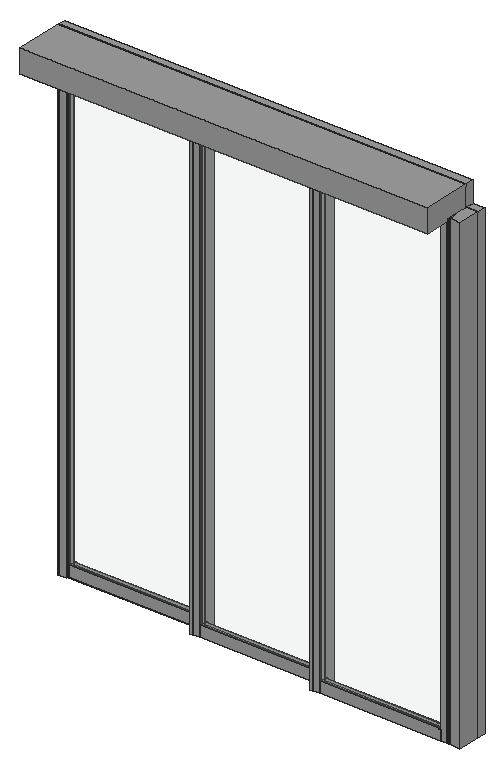
Revit family "agtatec_Record_SldngDrset_E-TSA-Telescopic_CurtainWallPanel", category Curtain Panels, Revit 2015
Parameters (values of type "E-TSA-L 108 mm drive unit height - left - with side panel")
  WithoutDriveCladding(OnlyApplicableForTypesWithoutSidePanels) = not(WithDriveCladding)  # no
  Without side panels = and(not(Right Panel), not(Left Panel))  # no
  WithinStandardSizes = and(OpeningWidth > 799.9 mm, OpeningWidth < 3000.1 mm, ClearHeightOfPassage < 3000.1 mm, ClearHeightOfPassage > 1999.9 mm)  # yes
  WithDriveCladding = yes
  Weight = "Depends on configuration and size"
  WarrantyStartDate [instance] = "1900-12-31T23:59:59"
  WarrantyGuarantorParts = "Local door manufacturer"
  WarrantyGuarantorLabour = "Local door manufacturer"
  WarrantyDurationUnit = "Depends on country"
  WarrantyDurationParts = "Depends on country"
  WarrantyDurationLabour = "Depends on country"
  WarrantyDescription = "Depends on country"
  WallMountingProfile = yes
  Version = "Version 1.0"
  Uniclass2 = "Ss_25_30_20_77"
  URL = "www.agta-record.com"
  TotalWidth = if(Left Panel, Side Panel Width Left + OpeningWidth + 55 mm, if(Right Panel, Side Panel Width Right + OpeningWidth + 55 mm, OpeningWidth + 99 mm))  # 1955 mm
  TotalHeight = ClearHeightOfPassage + DriveUnitHeight  # 2295 mm
  SustainabilityPerformance = "n/a"
  SupportLength = Support Length Right + Support Length Left  # 1900 mm
  Support Length Right = if(Right, Side Panel Width Right + (OpeningWidth / 2) + DriveUnitExtraWidthRight, (OpeningWidth / 2))  # 600 mm
  Support Length Left = if(Left, Side Panel Width Left + (OpeningWidth / 2) + DriveUnitExtraWidthLeft, (OpeningWidth / 2))  # 1300 mm
  Side Panel Width Right = (OpeningWidth / 2) + 100 mm + Extra Right  # 700 mm
  Side Panel Width Left = (OpeningWidth / 2) + 100 mm + Extra Left  # 700 mm
  ServiceLifeType = "n/a"
  SecurityRating = "None"
  Right Profile = no
  Right Panel = no
  Right = no
  Revision = "n/a"
  ProductInformation = "www.agta-record.com"
  Process = "n/a"
  PassageMountingProfile(OnlyApplicableForTypesWithTwoSidePanels) = not(WallMountingProfile)  # no
  PanelHeight = ClearHeightOfPassage + 13 mm  # 2200 mm
  PanelFrames = agtatec_Record_Sliding Door, Aluminium
  PanelFill = agtatec_Record_Sliding Door, Laminated Safety Glass (Clear)
  OpeningWidth = 1200 mm
  Name = "SldngDrset_E-TSA-Telescopic_CurtainWallPanel_Record"
  NBSTypeID = "n/a"
  NBSReference = "25-50-20/175"
  NBSOfficeMasterTag = "n/a"
  NBSNote = "n/a"
  NBSDescription = "Sliding Doorset"
  NBSCertification = "n/a"
  ModelNumber = "n/a"
  ModelLabel = "n/a"
  MethodOfMeasurement = "n/a"
  ManufacturerName = "Record"
  Left Profile = yes
  Left Panel = yes
  Left = yes
  Interlacing profile right = and(WithDriveCladding, Right, not(Right Panel))  # no
  Interlacing profile left = and(WithDriveCladding, Left, not(Left Panel))  # no
  InstallationDate [instance] = "1900-12-31T23:59:59"
  Inner Panel Width 2 = (OpeningWidth / 2) + 20 mm  # 620 mm
  Inner Panel Width 1 = (OpeningWidth / 2) + 32 mm  # 632 mm
  IfcExportType = "Door"
  IfcExportAs = "IfcDoorStyle"
  Grade = "n/a"
  GlazingAreaFraction = "Depends on size. Can be calculated"
  FloorGuide = agtatec_Record_Sliding Door, Stainless Steel
  FireRating = "None"
  DriveUnitExtraWidthRight = 0 mm
  DriveUnitExtraWidthLeft = 0 mm
  Finish = "Powder coated, Anodized, customer specific"
  Type Comments = "n/a"
  ThresholdStripping = "No additional required, part of the doorset"
  ThresholdRequired = yes
  ThermalTransmittance = 0
  TagNumber [instance] = "n/a"
  SmokeStop = no
  Size = "n/a"
  Shape = "Rectangular"
  ServiceLifeDuration = "10-15 years"
  SerialNumber [instance] = "n/a"
  SelfClosing = yes
  ReplacementCost = "Depends on the configuration and door type"
  ReferenceStandard = "EN16005, EN16361, DIN 18650, etc."
  Reference = "n/a"
  ProductionYear = "n/a"
  PassageWidthOptions = "n/a"
  NominalWidth = TotalWidth  # 1955 mm
  NominalLength = 0 mm
  NominalHeight = TotalHeight  # 2295 mm
  ModelReference = "Depends on the configuration"
  Model = "record Telescopic Linear Slider"
  Material = "Aluminium"
  ManufacturerURL = "www.agta-record.com"
  Manufacturer = "info@recorduk.co.uk"
  LeafColourOptions = "All RAL, customer specific"
  Keynote = "n/a"
  IssueDate = "n/a"
  IsExternal = yes
  Interlancing Profile Height = PanelHeight - 5 mm  # 2195 mm
  Infiltration = "n/a"
  HasDrive = yes
  HandicapAccessible = yes
  GlassType = "Part of glazing spec"
  GlassThickness2 = "6 mm (default)"
  GlassThickness1 = "6 mm (default)"
  GlassLayers = 2
  FrameSeal = yes
  FrameProfile = "Aluminium"
  FrameMaterial = "Aluminium"
  FrameFinishOptions = "n/a"
  FireExit = no
  Features = "n/a"
  ExtraWidthRight = 0 mm
  ExtraWidthLeft = 0 mm
  Extra Width Total = Extra Right + Extra Left  # 0 mm
  Extra Right = if(not(Right Panel), 0 mm, ExtraWidthRight)  # 0 mm
  Extra Left = if(not(Left Panel), 0 mm, ExtraWidthLeft)  # 0 mm
  ExpectedLife = "n/a"
  ElectronicLock = yes
  DurationUnit = "year"
  DriveUnitHeight = 108 mm
  DriveUnit = agtatec_Record_Sliding Door, Sheet Metal (Painted Steel)
  DoorsetOperation = "Automatic"
  DoorsetFasteners = "Screws"
  DoorSeal = "yes"
  DoorOpening = 0 mm
  DoorNumber = "n/a"
  DoorIncluded = yes
  Door Opening 2 = if(Door Opening 1 > 1 mm, (OpeningWidth / 2) + Door Opening 1 / 2, OpeningWidth / 2)  # 600 mm
  Door Opening 1 = if(DoorOpening > OpeningWidth, OpeningWidth, DoorOpening)  # 0 mm
  Documentation = "n/a"
  DocumentReference = "n/a"
  Description = "Automatic Sliding Door"
  Cost = 0
  Controller = "n/a"
  Construction Type = "Automatic Sliding Door"
  Constituents = "n/a"
  Configuration = "1 or 2"
  Colour = "Customer specific"
  CodePerformance = "n/a"
  ClearanceZones = no
  ClearHeightOfPassage = 2187 mm
  Category = "n/a"
  BreakoutFacility = "n/a"
  BarCode [instance] = "n/a"
  BIMObjectName = "agtatec_Record_SlidingDoorset_E-TSA-Telescopic_CurtainWallPanel"
  Author = "agtatec"
  AssetType = "n/a"
  AssetIdentifier [instance] = "n/a"
  Assembly Code = "B2030110"
  AntiFingerTrapRequirement = yes
  AlternativeDoorsetGlazing = "Part of glazing spec"
  AcousticRating = "None"
  AccessoryOptions = "Contact manufacturer"
  AccessibilityPerformance = "n/a"
Reference planes
  plane 1 "Center (Front/Back)": y = 0
  plane 2: z = 0
  plane 3 "Center (Left/Right)": x = -50
  plane 4 "Left": x = -1280
  plane 5 "Right": x = 1180
  plane 6 "Top": z = 4000
Text (mm)
  text "Exterior" at (-2351.972, 1416.179, 0), in view "Ref. Level"
  text "Exterior" at (0, 2290.741, 4406.713), in view "Left"
  text "Exterior" at (0, 1328.187, 4120.349), in view "Right"
Dimensions and locks
  equal spacing: plane 4 "Left", plane 3 "Center (Left/Right)", plane 5 "Right"
  aligned and locked: plane 1 "Center (Front/Back)" to nested 1
  aligned and locked: nested 1 to plane 3 "Center (Left/Right)"
Nested families
  nested 1: "E-TSA Telescopic" at (874.503, 0, 0), type "E-TSA-L 150 mm drive unit height - left - with side panel"
    with WarrantyStartDate "Depends on country", TagNumber "n/a", SerialNumber "n/a", InstallationDate "n/a", BarCode "n/a", AssetIdentifier "n/a", TotalHeight 2295 mm, NominalHeight 2295 mm, DriveUnitHeight 108 mm
Definition of nested family "E-TSA Telescopic"
  Parameters
    WithoutDriveCladding(OnlyApplicableForTypesWithoutSidePanels) = not(WithDriveCladding)  # no
    Without side panels = and(not(Right Panel), not(Left Panel))  # no
    WithinStandardSizes = and(OpeningWidth > 799.9 mm, OpeningWidth < 3000.1 mm, ClearHeightOfPassage < 3000.1 mm, ClearHeightOfPassage > 1999.9 mm)  # yes
    WithDriveCladding = yes
    Weight = "Depends on configuration and size"
    WarrantyDurationUnit = "Depends on country"
    WallMountingProfile = yes
    Wall Opening Width = if(and(Right Panel, Left Panel), OpeningWidth + SidePanelWidthRight + SidePanelWidthLeft, if(Right Panel, OpeningWidth + SidePanelWidthRight, if(Left Panel, OpeningWidth + SidePanelWidthLeft, OpeningWidth)))  # 1900 mm
    Wall Mounting Right = and(WallMountingProfile, Right Panel)  # no
    Wall Mounting Left = and(WallMountingProfile, Left Panel)  # yes
    TotalWidth = if(Left Panel, SidePanelWidthLeft + OpeningWidth + 55 mm, if(Right Panel, SidePanelWidthRight + OpeningWidth + 55 mm, OpeningWidth + 99 mm))  # 1955 mm
    TotalHeight = ClearHeightOfPassage + DriveUnitHeight  # 2337 mm
    SustainabilityPerformance = "n/a"
    SupportLength = Support Length Right + Support Length Left  # 1900 mm
    Support Length Right = if(Right, SidePanelWidthRight + (OpeningWidth / 2) + DriveUnitExtraWidthRight, (OpeningWidth / 2))  # 600 mm
    Support Length Left = if(Left, SidePanelWidthLeft + (OpeningWidth / 2) + DriveUnitExtraWidthLeft, (OpeningWidth / 2))  # 1300 mm
    SidePanelWidthRight = (OpeningWidth / 2) + 100 mm + Extra Right  # 700 mm
    SidePanelWidthLeft = (OpeningWidth / 2) + 100 mm + Extra Left  # 700 mm
    ServiceLifeType = "n/a"
    SecurityRating = "None"
    Right Profile = no
    Right Panel = no
    Right = no
    Revision = "n/a"
    ProductInformation = "www.agta-record.com"
    Process = "n/a"
    PassageMountingProfile(OnlyApplicableForTypesWithTwoSidePanels) = not(WallMountingProfile)  # no
    Passage Mounting Right = and([PassageMountingProfile(OnlyApplicableForTypesWithTwoSidePanels)], Right Panel)  # no
    Passage Mounting Left = and([PassageMountingProfile(OnlyApplicableForTypesWithTwoSidePanels)], Left Panel)  # no
    PanelHeight = ClearHeightOfPassage + 13 mm  # 2200 mm
    PanelFrames = none
    PanelFill = none
    Outer Panel Width Right = SidePanelWidthRight - 27 mm  # 673 mm
    Outer Panel Width Left = SidePanelWidthLeft - 27 mm  # 673 mm
    OpeningWidth = 1200 mm
    Name = "SldngDrset_E-TSA-Telescopic_Standalone_Record"
    NBSTypeID = "n/a"
    NBSReference = "25-50-20/175"
    NBSOfficeMasterTag = "n/a"
    NBSNote = "n/a"
    NBSDescription = "Sliding Doorset"
    NBSCertification = "n/a"
    ModelNumber = "n/a"
    ModelLabel = "n/a"
    MethodOfMeasurement = "n/a"
    ManufacturerName = "Record"
    Left Profile = yes
    Left Panel = yes
    Left = yes
    InterlancingProfileRight = and(WithDriveCladding, Right, not(Right Panel))  # no
    InterlancingProfileLeft = and(WithDriveCladding, Left, not(Left Panel))  # no
    InstallationDate [instance] = "n/a"
    Inner Panel Width 2 = (OpeningWidth / 2) + 20 mm  # 620 mm
    Inner Panel Width 1 = (OpeningWidth / 2) + 32 mm  # 632 mm
    IfcExportType = "n/a"
    IfcExportAs = "n/a"
    Grade = "n/a"
    GlazingAreaFraction = "Depends on size. Can be calculated"
    FloorGuide = none
    FireRating = "None"
    Features = "n/a"
    ExtraWidthRight = 0 mm
    ExtraWidthLeft = 0 mm
    Extra Width Total = 0 mm
    Extra Right = if(not(Right Panel), 0 mm, ExtraWidthRight)  # 0 mm
    Extra Left = if(not(Left Panel), 0 mm, ExtraWidthLeft)  # 0 mm
    ExpectedLife = "n/a"
    DurationUnit = "year"
    DriveUnitExtraWidthRight = 0 mm
    DriveUnitExtraWidthLeft = 0 mm
    Width = TotalWidth  # 1955 mm
    WarrantyStartDate [instance] = "Depends on country"
    WarrantyGuarantorParts = "Local door manufacturer"
    WarrantyGuarantorLabour = "Local door manufacturer"
    WarrantyDurationParts = "Depends on country"
    WarrantyDurationLabour = "Depends on country"
    WarrantyDescription = "Depends on country"
    Version = "Version 1.0"
    Uniclass2 = "Ss_25_30_20_77"
    URL = "www.agta-record.com"
    Type Comments = ""
    ThresholdStripping = "No additional required, part of the doorset"
    ThresholdRequired = yes
    ThermalTransmittance = 0
    TagNumber [instance] = "n/a"
    SmokeStop = no
    Size = "n/a"
    Shape = "Rectangular"
    ServiceLifeDuration = "10-15 years"
    SerialNumber [instance] = "n/a"
    SelfClosing = yes
    Rough Width = TotalWidth + 6 mm  # 1961 mm
    Rough Height = TotalHeight + 6 mm  # 2343 mm
    ReplacementCost = "Depends on the configuration and door type"
    ReferenceStandard = "EN16005, EN16361, DIN 18650, etc."
    Reference = "n/a"
    ProductionYear = "n/a"
    PassageWidthOptions = "n/a"
    Operation = "n/a"
    NominalWidth = TotalWidth  # 1955 mm
    NominalLength = 0 mm
    NominalHeight = TotalHeight  # 2337 mm
    ModelReference = "Depends on the configuration"
    Model = "record Telescopic Linear Slider"
    Material = "Aluminium"
    ManufacturerURL = "www.agta-record.com"
    Manufacturer = "info@recorduk.co.uk"
    LeafColourOptions = "All RAL, customer specific"
    Keynote = ""
    IssueDate = ""
    IsExternal = yes
    Interlancing Profile Height = PanelHeight - 5 mm  # 2195 mm
    Infiltration = "n/a"
    Height = TotalHeight  # 2337 mm
    HasDrive = yes
    HandicapAccessible = yes
    GlassType = "Part of glazing spec"
    GlassThickness2 = "6 mm (default)"
    GlassThickness1 = "6 mm (default)"
    GlassLayers = 2
    Function = 1
    FrameSeal = yes
    FrameProfile = "Aluminium"
    FrameMaterial = "Aluminium"
    FrameFinishOptions = "n/a"
    FireExit = no
    Finish = "Powder coated, Anodized, customer specific"
    ElectronicLock = yes
    DriveUnitHeight = 150 mm
    DriveUnit = none
    Drive Depth 2 = if([WithoutDriveCladding(OnlyApplicableForTypesWithoutSidePanels)], 0 mm, 37 mm)  # 37 mm
    Drive Depth = if([WithoutDriveCladding(OnlyApplicableForTypesWithoutSidePanels)], 222 mm, 259 mm)  # 259 mm
    DoorsetOperation = "Automatic"
    DoorsetFasteners = "Screws"
    DoorSeal = "yes"
    DoorOpening = 0 mm
    DoorNumber = "n/a"
    DoorIncluded = yes
    Door Opening 2 = if(Door Opening 1 > 1 mm, (OpeningWidth / 2) + Door Opening 1 / 2, OpeningWidth / 2)  # 600 mm
    Door Opening 1 = if(DoorOpening > OpeningWidth, OpeningWidth, DoorOpening)  # 0 mm
    Documentation = "n/a"
    DocumentReference = "n/a"
    Distance to Wall = if([WithoutDriveCladding(OnlyApplicableForTypesWithoutSidePanels)], 20 mm, 57 mm)  # 57 mm
    Description = "Automatic Sliding Door"
    Cost = 0
    Controller = "n/a"
    Construction Type = "Automatic Sliding Door"
    Constituents = "n/a"
    Configuration = "1 or 2"
    Colour = "Customer specific"
    CodePerformance = "n/a"
    ClearanceZones = no
    ClearanceZoneRight = if(Left, (SupportLength / 2) + 55 mm, if(or(not(Right Panel), DriveUnitExtraWidthRight > 0 mm, not(WallMountingProfile)), SupportLength / 2, (SupportLength / 2) + 16 mm))  # 1005 mm
    ClearanceZoneLeft = if(Right, (SupportLength / 2) + 55 mm, if(or(not(Left Panel), DriveUnitExtraWidthLeft > 0 mm, not(WallMountingProfile)), SupportLength / 2, (SupportLength / 2) + 16 mm))  # 966 mm
    ClearHeightOfPassage = 2187 mm
    Cladding void = if(Without side panels, 3 mm, 35 mm)  # 35 mm
    Cladding profile = not([WithoutDriveCladding(OnlyApplicableForTypesWithoutSidePanels)])  # yes
    CenterOfDoor = if(Left, SidePanelWidthRight + (SupportLength / 2), (SupportLength / 2) - DriveUnitExtraWidthRight)  # 1650 mm
    Category = "n/a"
    BreakoutFacility = "n/a"
    BarCode [instance] = "n/a"
    BIMObjectName = "agtatec_Record_SlidingDoorset_E-TSA-Telescopic_Standalone"
    Author = "agtatec"
    AssetType = "n/a"
    AssetIdentifier [instance] = "n/a"
    Assembly Code = "B2030110"
    AntiFingerTrapRequirement = yes
    AlternativeDoorsetGlazing = "Part of glazing spec"
    AcousticRating = "None"
    AccessoryOptions = "Contact manufacturer"
    AccessibilityPerformance = "n/a"
  Reference planes
    plane 1 "Center (Front/Back)": y = 0
    plane 2: z = 0
    plane 3 "Ex Center (Left/Right)": x = -574.503
    plane 4: z = 2337
    plane 5: z = 2187
    plane 6: z = 2357
    plane 7: x = 5.497
    plane 8 "Drive Unit Left": x = -1874.503
    plane 9: x = -1174.503
    plane 10: x = 25.497
    plane 11: y = -57
    plane 12: y = -109
    plane 13: x = -574.503
    plane 14: x = 25.497
    plane 15: x = -1874.503
    plane 16: x = 725.497
    plane 17: x = -586.503
    plane 18: x = -1206.503
    plane 19: x = -1186.503
    plane 20: y = -5
    plane 21: x = 37.497
    plane 22: x = -574.503
    plane 23: x = -1174.503
    plane 24: x = -562.503
    plane 25: x = 57.497
    plane 26: y = -40
    plane 27: y = -40
    plane 28: y = -409
    plane 29: y = -259
    plane 30: y = -5
    plane 31 "Drive Unit Right": x = 25.497
    plane 32 "Center (Left/Right)": x = -924.503
    plane 33: x = -1890.503
    plane 34: x = 80.497
  Forms (mm)
    Extrusion 1, solid, material <- "PanelFrames", visible <- "Passage Mounting Left"
      sketch origin (0, 0, 0) x (1, 0, 0) y (0, 1, 0)
        loop
          line (-1874.503, 0) -> (-1874.503, -40) -> (-1834.503, -40) -> (-1834.503, -38) -> (-1871.503, -38) -> (-1871.503, -3) -> (-1834.503, -3) -> (-1834.503, 0) -> (-1874.503, 0)
      from 0 to 2187
    Extrusion 2, solid, material <- "PanelFrames", visible <- "Passage Mounting Right"
      sketch origin (0, 0, 0) x (1, 0, 0) y (0, 1, 0)
        loop
          line (725.497, 0) -> (685.497, 0) -> (685.497, -3) -> (722.497, -3) -> (722.497, -38) -> (685.497, -38) -> (685.497, -40) -> (725.497, -40) -> (725.497, 0)
      from 0 to 2187
    Extrusion 3, solid, material <- "PanelFrames", visible <- "Wall Mounting Right"
      sketch origin (0, 0, 0) x (1, 0, 0) y (0, 1, 0)
        loop
          line (685.497, 0) -> (685.497, -3) -> (722.497, -3) -> (722.497, -38) -> (685.497, -38) -> (685.497, -40) -> (725.497, -40) -> (725.497, -4) -> (741.497, -4) -> (741.497, 0) -> (685.497, 0)
      from 0 to 2187
    Extrusion 4, solid, material <- "PanelFrames", visible <- "Wall Mounting Left"
      sketch origin (0, 0, 0) x (1, 0, 0) y (0, 1, 0)
        loop
          line (-1834.503, 0) -> (-1890.503, 0) -> (-1890.503, -4) -> (-1874.503, -4) -> (-1874.503, -40) -> (-1834.503, -40) -> (-1834.503, -38) -> (-1871.503, -38) -> (-1871.503, -3) -> (-1834.503, -3) -> (-1834.503, 0)
      from 0 to 2187
    Extrusion 5, solid, material <- "DriveUnit"
      sketch origin (-1874.503, 0, -304.8) x (0, 0, -1) y (0, 1, 0)
        loop
          line (-2641.8, -37) -> (-2641.8, -259) -> (-2491.8, -259) -> (-2491.8, -149) -> (-2504.8, -149) -> (-2504.8, -54) -> (-2491.8, -54) -> (-2491.8, -37) -> (-2641.8, -37)
      from 0 to 1900
    Extrusion 6, solid, visible <- "ClearanceZones"
      sketch origin (-574.503, -66.514, 0) x (0, -1, 0) y (0, 0, 1)
        loop
          line (-66.514, 0) -> (342.486, 0) -> (342.486, 2357) -> (-66.514, 2357) -> (-66.514, 0)
      from -655 to 1316
    Extrusion 7, void
      sketch origin (-1868.247, -40, 1200) x (1, 0, 0) y (0, 0, -1)
        loop
          line (-6.256, -1000) -> (1893.744, -1000) -> (1893.744, -987) -> (-6.256, -987) -> (-6.256, -1000)
      from 0 to 35 <- "Cladding void"
    Extrusion 8, solid, material <- "DriveUnit", visible <- "Cladding profile"
      sketch origin (-574.503, -66.514, 0) x (0, -1, 0) y (0, 0, 1)
        loop
          line (-66.514, 2337) -> (-66.514, 2187) -> (-29.514, 2187) -> (-29.514, 2337) -> (-66.514, 2337)
      from -600 to 1300
  Cuts and joins
    Extrusion 7 cuts Extrusion 8
  Lines and regions (mm)
    Masking region 1, visible <- "Passage Mounting Left"
      outline origin (0, 0, 0) x (1, 0, 0) y (0, 1, 0)
        loop
          line (-1834.503, -3) -> (-1834.503, 0) -> (-1874.503, 0) -> (-1874.503, -40) -> (-1834.503, -40) -> (-1834.503, -38) -> (-1871.503, -38) -> (-1871.503, -3) -> (-1834.503, -3)
    Masking region 2, visible <- "Wall Mounting Left"
      outline origin (0, 0, 0) x (1, 0, 0) y (0, 1, 0)
        loop
          line (-1834.503, 0) -> (-1890.503, 0) -> (-1890.503, -4) -> (-1874.503, -4) -> (-1874.503, -40) -> (-1834.503, -40) -> (-1834.503, -38) -> (-1871.503, -38) -> (-1871.503, -3) -> (-1834.503, -3) -> (-1834.503, 0)
    Masking region 3, visible <- "Passage Mounting Right"
      outline origin (0, 0, 0) x (1, 0, 0) y (0, 1, 0)
        loop
          line (685.497, 0) -> (685.497, -3) -> (722.497, -3) -> (722.497, -38) -> (685.497, -38) -> (685.497, -40) -> (725.497, -40) -> (725.497, 0) -> (685.497, 0)
    Masking region 4, visible <- "Wall Mounting Right"
      outline origin (0, 0, 0) x (1, 0, 0) y (0, 1, 0)
        loop
          line (741.497, 0) -> (685.497, 0) -> (685.497, -3) -> (722.497, -3) -> (722.497, -38) -> (685.497, -38) -> (685.497, -40) -> (725.497, -40) -> (725.497, -4) -> (741.497, -4) -> (741.497, 0)
    symbolic lines
      curve 1: line (-749.503, 50, 0) -> (-399.503, 50, 0)
    symbolic lines, visible <- "Left"
      curve 2: line (-749.503, 50, 0) -> (-714.148, 85.355, 0)
      curve 3: line (-749.503, 50, 0) -> (-714.148, 14.645, 0)
    symbolic lines, visible <- "Right"
      curve 4: line (-399.503, 50, 0) -> (-434.859, 14.645, 0)
      curve 5: line (-399.503, 50, 0) -> (-434.859, 85.355, 0)
  Text (mm)
    text "Right" at (-1678.087, 0, 3204.03), in view "Back"
    text "Left" at (1021.913, 0, 3204.03), in view "Back"
  Dimensions and locks
    "DriveUnitHeight": plane 4 to plane 5
    "ClearHeightOfPassage": plane 5 to plane 2
    locked: plane 6 to plane 4 at 20
    equal spacing: plane 9, plane 3 "Ex Center (Left/Right)", plane 10
    "OpeningWidth": plane 9 to plane 10
    "Distance to Wall": plane 11 to plane 1 "Center (Front/Back)"
    locked: plane 11 to plane 12 at 52
    "Door Opening 1": plane 14 to plane 10
    "Door Opening 2": plane 13 to plane 10
    "SidePanelWidthLeft": plane 15 to plane 9
    "SidePanelWidthRight": plane 10 to plane 16
    locked: plane 17 to plane 13 at 12
    "Inner Panel Width 2": plane 18 to plane 17
    locked: plane 19 to plane 9 at 12
    locked: plane 10 to plane 21 at 12
    locked: plane 22 to plane 24 at 12
    "Door Opening 1": plane 9 to plane 23
    "Door Opening 2": plane 9 to plane 22
    "Inner Panel Width 2": plane 24 to plane 25
    locked: Extrusion 5 sketch curve to Extrusion 5 sketch curve at 110
    "Drive Depth": plane 1 "Center (Front/Back)" to plane 29
    "DriveUnitHeight": plane 29 to plane 28
    "Support Length Left": plane 8 "Drive Unit Left" to plane 3 "Ex Center (Left/Right)"
    "Support Length Right": plane 3 "Ex Center (Left/Right)" to plane 31 "Drive Unit Right"
    locked: Extrusion 4 sketch curve to plane 26 at 2
    locked: Extrusion 1 sketch curve to plane 26 at 2
    locked: Extrusion 3 sketch curve to plane 27 at 2
    locked: Extrusion 2 sketch curve to plane 27 at 2
    "Drive Depth 2": plane 1 "Center (Front/Back)" to Extrusion 5 sketch curve
    Extrusion 7 sketch curve to plane 5 = 13 mm
    locked: plane 1 "Center (Front/Back)" to Extrusion 8 sketch curve at 37
    curve 3 to plane 3 "Ex Center (Left/Right)" to curve 5 = 175 mm locked, 175 mm locked
    "CenterOfDoor": plane 32 "Center (Left/Right)" to plane 16
    "ClearanceZoneLeft": plane 33 to plane 32 "Center (Left/Right)"
    "ClearanceZoneRight": plane 32 "Center (Left/Right)" to plane 34
    aligned and locked: plane 2 to level
    aligned and locked: plane 12 to nested 1
    aligned and locked: plane 11 to nested 2
    aligned and locked: plane 14 to nested 1
    aligned and locked: nested 2 to plane 17
    aligned and locked: plane 19 to nested 3
    aligned and locked: nested 5 to plane 9
    aligned and locked: nested 6 to plane 11
    aligned and locked: nested 6 to plane 18
    aligned and locked: plane 11 to nested 7
    aligned and locked: nested 7 to plane 17
    aligned and locked: nested 8 to plane 12
    aligned and locked: nested 8 to nested 1
    aligned and locked: plane 20 to nested 3
    aligned and locked: nested 5 to plane 20
    aligned and locked: nested 4 to plane 20
    aligned and locked: nested 9 to plane 10
    aligned and locked: nested 4 to plane 21
    aligned and locked: plane 23 to nested 10
    aligned and locked: plane 12 to nested 11
    aligned and locked: nested 10 to plane 12
    aligned and locked: nested 11 to nested 10
    aligned and locked: nested 12 to plane 11
    aligned and locked: plane 11 to nested 13
    aligned and locked: nested 14 to plane 11
    aligned and locked: nested 14 to plane 22
    aligned and locked: plane 25 to nested 13
    aligned and locked: nested 12 to plane 25
    aligned and locked: plane 26 to Extrusion 1 sketch curve
    aligned and locked: plane 27 to Extrusion 2 sketch curve
    aligned and locked: plane 5 to Extrusion 1
    aligned and locked: plane 5 to Extrusion 2
    aligned and locked: plane 5 to Extrusion 4
    aligned and locked: plane 5 to Extrusion 3
    aligned and locked: plane 26 to Masking region 1 sketch curve
    aligned and locked: Extrusion 5 sketch curve to plane 29
    aligned and locked: Extrusion 5 to plane 31 "Drive Unit Right"
    aligned and locked: plane 26 to Extrusion 4 sketch curve
    aligned and locked: plane 26 to Masking region 2 sketch curve
    aligned and locked: plane 27 to Extrusion 3 sketch curve
    aligned and locked: Masking region 2 to Extrusion 4
    aligned and locked: Extrusion 6 sketch curve to plane 6
    aligned and locked: Extrusion 6 sketch curve to plane 28
    aligned and locked: Extrusion 5 to plane 8 "Drive Unit Left"
    aligned and locked: plane 31 "Drive Unit Right" to Extrusion 7 sketch curve
    aligned and locked: plane 8 "Drive Unit Left" to Extrusion 7 sketch curve
    aligned and locked: Extrusion 7 sketch curve to plane 5
    aligned and locked: plane 5 to Extrusion 8 sketch curve
    aligned and locked: Extrusion 8 to plane 31 "Drive Unit Right"
    aligned and locked: Extrusion 8 to plane 8 "Drive Unit Left"
    aligned and locked: Extrusion 6 to plane 33
    aligned and locked: plane 34 to Extrusion 6
  Automatic sketch dimensions
    plane 1 "Center (Front/Back)" to Extrusion 1 sketch curve = 0 mm
    Extrusion 1 sketch curve to plane 15 = 0 mm
    Extrusion 1 sketch curve to plane 15 = 3 mm
    Extrusion 1 sketch curve to Extrusion 1 sketch curve = 37 mm  (x2)
    plane 20 to Extrusion 1 sketch curve = 2 mm
    plane 1 "Center (Front/Back)" to Extrusion 2 sketch curve = 0 mm
    Extrusion 2 sketch curve to plane 16 = 0 mm
    Extrusion 2 sketch curve to plane 16 = 3 mm
    plane 20 to Extrusion 2 sketch curve = 2 mm
    Extrusion 2 sketch curve to Extrusion 2 sketch curve = 37 mm
    Extrusion 2 sketch curve to Extrusion 2 sketch curve = 0 mm
    plane 1 "Center (Front/Back)" to Extrusion 3 sketch curve = 0 mm
    Extrusion 3 sketch curve to plane 16 = 0 mm
    Extrusion 3 sketch curve to plane 16 = 3 mm
    Extrusion 3 sketch curve to Extrusion 3 sketch curve = 37 mm
    Extrusion 3 sketch curve to Extrusion 3 sketch curve = 0 mm
    plane 16 to Extrusion 3 sketch curve = 16 mm
    plane 20 to Extrusion 3 sketch curve = 1 mm
    plane 20 to Extrusion 3 sketch curve = 2 mm
    plane 1 "Center (Front/Back)" to Extrusion 4 sketch curve = 0 mm
    Extrusion 4 sketch curve to plane 15 = 0 mm
    plane 20 to Extrusion 4 sketch curve = 1 mm
    Extrusion 4 sketch curve to Extrusion 4 sketch curve = 16 mm
    Extrusion 4 sketch curve to plane 15 = 3 mm
    Extrusion 4 sketch curve to Extrusion 4 sketch curve = 37 mm  (x2)
    plane 20 to Extrusion 4 sketch curve = 2 mm
    Extrusion 6 sketch curve to level = 0 mm
    Extrusion 6 sketch curve to plane 1 "Center (Front/Back)" = 0 mm
    Masking region 1 sketch curve to plane 15 = 0 mm
    plane 1 "Center (Front/Back)" to Masking region 1 sketch curve = 0 mm
    Masking region 1 sketch curve to plane 15 = 3 mm
    plane 26 to Masking region 1 sketch curve = 2 mm
    Masking region 1 sketch curve to Masking region 1 sketch curve = 37 mm  (x2)
    plane 20 to Masking region 1 sketch curve = 2 mm
    plane 1 "Center (Front/Back)" to Masking region 2 sketch curve = 0 mm
    Masking region 2 sketch curve to plane 15 = 0 mm
    plane 20 to Masking region 2 sketch curve = 1 mm
    Masking region 2 sketch curve to Masking region 2 sketch curve = 16 mm
    Masking region 2 sketch curve to plane 15 = 3 mm
    plane 26 to Masking region 2 sketch curve = 2 mm
    Masking region 2 sketch curve to Masking region 2 sketch curve = 37 mm  (x2)
    plane 20 to Masking region 2 sketch curve = 2 mm
    plane 1 "Center (Front/Back)" to Masking region 3 sketch curve = 0 mm
    plane 26 to Masking region 3 sketch curve = 0 mm
    Masking region 3 sketch curve to plane 16 = 0 mm
    Masking region 3 sketch curve to plane 16 = 3 mm
    Masking region 3 sketch curve to Masking region 3 sketch curve = 37 mm
    Masking region 3 sketch curve to Masking region 3 sketch curve = 0 mm
    plane 26 to Masking region 3 sketch curve = 2 mm
    plane 20 to Masking region 3 sketch curve = 2 mm
    plane 1 "Center (Front/Back)" to Masking region 4 sketch curve = 0 mm
    plane 26 to Masking region 4 sketch curve = 0 mm
    Masking region 4 sketch curve to plane 16 = 0 mm
    Masking region 4 sketch curve to plane 16 = 3 mm
    plane 26 to Masking region 4 sketch curve = 2 mm
    Masking region 4 sketch curve to Masking region 4 sketch curve = 37 mm
    plane 20 to Masking region 4 sketch curve = 2 mm
    Masking region 4 sketch curve to Masking region 4 sketch curve = 0 mm
    plane 16 to Masking region 4 sketch curve = 16 mm
    plane 20 to Masking region 4 sketch curve = 1 mm
    curve 1 to curve 3 = 50 mm
    curve 2 to curve 5 = 279.289 mm
    curve 5 to curve 4 = 70.711 mm
    curve 5 to curve 1 = 50 mm
    curve 3 to curve 4 = 279.289 mm
    curve 5 to curve 5 = 50 mm
    curve 3 to curve 2 = 50 mm
    curve 3 to curve 2 = 35.355 mm  (x2)
    curve 3 to plane 1 "Center (Front/Back)" = 14.645 mm
    curve 4 to plane 1 "Center (Front/Back)" = 14.645 mm
    curve 5 to curve 4 = 0 mm
    curve 4 to curve 5 = 35.355 mm
    curve 1 to curve 5 = 35.355 mm
    Extrusion 8 sketch curve to plane 1 "Center (Front/Back)" = 0 mm
    Extrusion 8 sketch curve to plane 4 = 0 mm
    Extrusion 5 sketch curve to plane 4 = 0 mm
    Extrusion 5 sketch curve to plane 5 = 0 mm  (x2)
    plane 11 to Extrusion 5 sketch curve = 3 mm
    plane 5 to Extrusion 5 sketch curve = 13 mm
  Nested families
    nested 1: "Inner Panel 1" at (25.497, -109, 0) x (-1, 0, 0) z (0, 0, 1), visible <- "Left", type "Inner Panel 1"
    nested 2: "Inner Panel 2" at (-586.503, -57, 0) x (-1, 0, 0) z (0, 0, 1), visible <- "Left", type "Inner Panel 2"
      with Inner Panel Width 620 mm
    nested 3: "Outer Panel" at (-1186.503, -5, 0) x (-1, 0, 0) z (0, 0, 1), visible <- "Left Panel", type "Left Panel"
      with Outer Panel Width 673 mm
    nested 4: "Outer Panel" at (37.497, -5, 0), visible <- "Right Panel", type "Right Panel"
      with Outer Panel Width 673 mm
    nested 5: "Interlacing profile - Outer" at (-1186.503, -37, 5) x (0, -1, 0) z (0, 0, 1), type "Left"
    nested 6: "Interlacing profile - Inner" at (-1206.503, -57, 5) x (0, 1, 0) z (0, 0, 1), visible <- "Left", type "Left"
    nested 7: "Interlacing profile - Inner" at (-586.503, -89, 5) x (0, -1, 0) z (0, 0, 1), visible <- "Left", type "Inner"
    nested 8: "Interlacing profile - Inner" at (-606.503, -109, 5) x (0, 1, 0) z (0, 0, 1), visible <- "Left", type "Inner"
    nested 9: "Interlacing profile - Outer" at (37.497, -37, 5) x (0, -1, 0) z (0, 0, 1), type "Right"
      with Side Panel no, Opposite Panel yes, Interlacing profile 2 yes, Interlacing profile 1 no
    nested 10: "Inner Panel 1" at (-1174.503, -109, 0), visible <- "Right", type "Inner Panel 1"
    nested 11: "Interlacing profile - Inner" at (-542.503, -109, 5) x (0, 1, 0) z (0, 0, 1), visible <- "Right", type "Inner"
    nested 12: "Inner Panel 2" at (-562.503, -57, 0), visible <- "Right", type "Inner Panel 2"
      with Inner Panel Width 620 mm
    nested 13: "Interlacing profile - Inner" at (57.497, -57, 5) x (0, 1, 0) z (0, 0, 1), visible <- "Right", type "Right"
      with Side Panel no, Interlacing profile 4 yes, Interlacing profile 1 no
    nested 14: "Interlacing profile - Inner" at (-562.503, -89, 5) x (0, -1, 0) z (0, 0, 1), visible <- "Right", type "Inner"
  Definition of nested family "Inner Panel 1"
    Parameters
      Panel Height = 2200 mm
      Panel Glass = none
      Panel Frames = none
      Inner Panel Width = 632 mm
    Reference planes
      plane 1 "Center (Front/Back)": y = 0
      plane 2: z = 0
      plane 3 "Center (Left/Right)": x = 0
      plane 4: x = 632
      plane 5: z = 2200
      plane 6: x = 600
      plane 7: x = 37
      plane 8: z = 2181
      plane 9 "Above": z = 42
      plane 10: x = 613.5
      plane 11: x = 23.5
      plane 12: z = 5
      plane 13: x = 622
      plane 14: x = 5
    Forms (mm)
      Extrusion 1, solid, material <- "Panel Frames"
        sketch origin (0, 0, 0) x (1, 0, 0) y (0, 1, 0)
          loop
            line (5, 0) -> (37, 0) -> (37, 2.5) -> (21, 2.5) -> (21, 29.5) -> (37, 29.5) -> (37, 32) -> (5, 32) -> (5, 0)
        from 5 to 2200
      Extrusion 2, solid, material <- "Panel Frames"
        sketch origin (591.5, 0, 0) x (-1, 0, 0) y (0, -1, 0)
          loop
            line (-40.5, 0) -> (-40.5, -32) -> (-8.5, -32) -> (-8.5, -29.5) -> (-24.5, -29.5) -> (-24.5, -2.5) -> (-8.5, -2.5) -> (-8.5, 0) -> (-40.5, 0)
        from 5 to 2200
      Extrusion 3, solid, material <- "Panel Frames"
        sketch origin (-55, 0, 0) x (0, 1, 0) y (0, 0, 1)
          loop
            line (0, 5) -> (14.65, 5) -> (14.65, 26) -> (17.35, 26) -> (17.35, 5) -> (32, 5) -> (32, 55) -> (29.5, 55) -> (29.5, 39) -> (2.5, 39) -> (2.5, 55) -> (0, 55) -> (0, 5)
        from 92 to 655
      Extrusion 4, solid, material <- "Panel Frames"
        sketch origin (75, 0, 0) x (0, 1, 0) y (0, 0, 1)
          loop
            line (0, 2200) -> (0, 2168) -> (2.5, 2168) -> (2.5, 2184) -> (29.5, 2184) -> (29.5, 2168) -> (32, 2168) -> (32, 2200) -> (0, 2200)
        from -38 to 525
      Extrusion 5, solid, material <- "Panel Glass"
        sketch origin (0, 0, 0) x (1, 0, 0) y (0, 1, 0)
          loop
            line (23.5, 28) -> (23.5, 4) -> (613.5, 4) -> (613.5, 28) -> (23.5, 28)
        from 42 to 2181
      Extrusion 6, solid, material <- "Panel Frames"
        sketch origin (0, 0, 0) x (1, 0, 0) y (0, 1, 0)
          loop
            line (0, 32) -> (0, 0) -> (5, 0) -> (5, 32) -> (0, 32)
        from 5 to 2200
    Lines and regions (mm)
      Masking region 1
        outline origin (0, 0, 0) x (1, 0, 0) y (0, 1, 0)
          loop
            line (632, 32) -> (0, 32) -> (0, 0) -> (622, 0) -> (632, 0) -> (632, 32)
      symbolic lines, detail levels fine
        curve 1: line (37, 28, 42) -> (600, 28, 42)
        curve 2: line (37, 4, 42) -> (600, 4, 42)
        curve 6: line (600, 29.5, 42) -> (616, 29.5, 42)
        curve 7: line (616, 29.5, 42) -> (616, 2.5, 42)
        curve 8: line (616, 2.5, 42) -> (600, 2.5, 42)
        curve 9: line (600, 4, 42) -> (613.5, 4, 42)
        curve 10: line (613.5, 4, 42) -> (613.5, 28, 42)
        curve 11: line (613.5, 28, 42) -> (600, 28, 42)
        curve 12: line (37, 29.5, 42) -> (21, 29.5, 42)
        curve 13: line (21, 29.5, 42) -> (21, 2.5, 42)
        curve 14: line (21, 2.5, 42) -> (37, 2.5, 42)
        curve 15: line (37, 4, 42) -> (23.5, 4, 42)
        curve 16: line (23.5, 4, 42) -> (23.5, 28, 42)
        curve 17: line (23.5, 28, 42) -> (37, 28, 42)
      symbolic lines, detail levels medium+fine
        curve 3: line (37, 32, 42) -> (37, 29.5, 42)
        curve 4: line (600, 0, 42) -> (600, 2.5, 42)
        curve 18: line (600, 29.5, 42) -> (600, 32, 42)
        curve 21: line (37, 2.5, 42) -> (37, 0, 42)
      symbolic lines
        curve 5: line (5, 32, 42) -> (5, 0, 42)
        curve 22: line (600, 0, 1084) -> (564.645, 0, 1119.355)
        curve 23: line (600, 0, 1084) -> (564.645, 0, 1048.645)
        curve 24: line (37, 0, 1084) -> (600, 0, 1084)
      symbolic lines, detail levels medium
        curve 19: line (600, 2.5, 42) -> (600, 29.5, 42)
        curve 20: line (37, 29.5, 42) -> (37, 2.5, 42)
    Dimensions and locks
      "Panel Height": plane 5 to plane 2
      "Inner Panel Width": plane 4 to plane 3 "Center (Left/Right)"
      locked: plane 7 to plane 3 "Center (Left/Right)" at 37
      locked: plane 6 to plane 4 at 32
      locked: plane 5 to plane 8 at 19
      locked: plane 9 "Above" to level at 42
      locked: plane 4 to plane 10 at 18.5
      locked: plane 11 to plane 3 "Center (Left/Right)" at 23.5
      locked: plane 13 to plane 4 at 10
      locked: plane 14 to plane 3 "Center (Left/Right)" at 5
      equal spacing: Extrusion 4, curve 24, level
      aligned and locked: plane 2 to level
      aligned and locked: plane 5 to Extrusion 2
      aligned and locked: plane 5 to Extrusion 1
      aligned and locked: Extrusion 1 to Extrusion 2
      aligned and locked: Extrusion 4 to plane 7
      aligned and locked: Extrusion 4 to plane 6
      aligned and locked: Extrusion 3 to plane 7
      aligned and locked: Extrusion 3 to plane 6
      aligned and locked: plane 8 to Extrusion 5
      aligned and locked: Extrusion 5 to plane 9 "Above"
      aligned and locked: Extrusion 5 to plane 10
      aligned and locked: Extrusion 5 to plane 11
      aligned and locked: Extrusion 1 to Extrusion 3
      aligned and locked: Extrusion 3 to Extrusion 2
      aligned and locked: Masking region 1 sketch curve to plane 4
      aligned and locked: Masking region 1 sketch curve to plane 3 "Center (Left/Right)"
      aligned and locked: curve 4 to plane 6
      aligned and locked: curve 3 to plane 7
      aligned and locked: Masking region 1 to Extrusion 1
      aligned and locked: plane 7 to Extrusion 1  (x2)
      aligned and locked: plane 6 to Extrusion 2  (x2)
      aligned and locked: curve 1 to Extrusion 5
      aligned and locked: Extrusion 5 to curve 2
      aligned and locked: Extrusion 1 sketch curve to plane 14
      aligned and locked: Extrusion 1 to plane 14
      aligned and locked: Extrusion 6 sketch curve to plane 14
      aligned and locked: plane 3 "Center (Left/Right)" to Extrusion 6 sketch curve
      aligned and locked: plane 5 to Extrusion 6
    Automatic sketch dimensions
      Extrusion 1 sketch curve to plane 7 = 0 mm  (x2)
      plane 1 "Center (Front/Back)" to Extrusion 1 sketch curve = 0 mm
      Extrusion 1 sketch curve to plane 11 = 2.5 mm
      Extrusion 1 sketch curve to plane 1 "Center (Front/Back)" = 2.5 mm
      Extrusion 1 sketch curve to Extrusion 1 sketch curve = 27 mm
      Extrusion 1 sketch curve to Extrusion 1 sketch curve = 2.5 mm
      Extrusion 2 sketch curve to plane 4 = 0 mm
      Extrusion 2 sketch curve to plane 6 = 0 mm  (x2)
      plane 1 "Center (Front/Back)" to Extrusion 2 sketch curve = 0 mm
      plane 10 to Extrusion 2 sketch curve = 2.5 mm
      Extrusion 2 sketch curve to Extrusion 2 sketch curve = 2.5 mm  (x2)
      Extrusion 2 sketch curve to Extrusion 2 sketch curve = 27 mm
      Extrusion 3 sketch curve to plane 1 "Center (Front/Back)" = 0 mm
      Extrusion 3 sketch curve to plane 12 = 0 mm  (x2)
      Extrusion 3 sketch curve to plane 1 "Center (Front/Back)" = 2.5 mm
      Extrusion 3 sketch curve to Extrusion 3 sketch curve = 14.65 mm
      Extrusion 3 sketch curve to Extrusion 3 sketch curve = 2.7 mm
      plane 9 "Above" to Extrusion 3 sketch curve = 13 mm  (x2)
      Extrusion 3 sketch curve to Extrusion 3 sketch curve = 27 mm
      Extrusion 3 sketch curve to Extrusion 3 sketch curve = 2.5 mm
      Extrusion 3 sketch curve to Extrusion 3 sketch curve = 21 mm
      Extrusion 3 sketch curve to plane 9 "Above" = 3 mm
      Extrusion 4 sketch curve to plane 1 "Center (Front/Back)" = 0 mm
      Extrusion 4 sketch curve to plane 5 = 0 mm
      Extrusion 4 sketch curve to plane 1 "Center (Front/Back)" = 2.5 mm
      plane 8 to Extrusion 4 sketch curve = 3 mm
      Extrusion 4 sketch curve to Extrusion 4 sketch curve = 27 mm
      Extrusion 4 sketch curve to Extrusion 4 sketch curve = 32 mm
      Extrusion 4 sketch curve to plane 8 = 13 mm  (x2)
      Extrusion 5 sketch curve to plane 11 = 0 mm
      Extrusion 5 sketch curve to plane 10 = 0 mm
      Extrusion 5 sketch curve to plane 1 "Center (Front/Back)" = 4 mm
      Extrusion 5 sketch curve to Extrusion 5 sketch curve = 24 mm
      plane 1 "Center (Front/Back)" to Masking region 1 sketch curve = 0 mm
      Masking region 1 sketch curve to plane 13 = 0 mm
      Masking region 1 sketch curve to plane 1 "Center (Front/Back)" = 32 mm
      curve 9 to plane 10 = 0 mm
      curve 17 to plane 11 = 0 mm
      curve 5 to plane 14 = 0 mm
      plane 1 "Center (Front/Back)" to curve 5 = 0 mm
      plane 1 "Center (Front/Back)" to curve 21 = 0 mm
      plane 1 "Center (Front/Back)" to curve 4 = 0 mm
      curve 6 to plane 10 = 2.5 mm
      curve 13 to plane 11 = 2.5 mm
      curve 16 to curve 1 = 0 mm
      curve 12 to curve 16 = 1.5 mm
      curve 6 to curve 1 = 1.5 mm
      curve 5 to curve 12 = 2.5 mm
      curve 3 to curve 3 = 2.5 mm
      curve 18 to curve 6 = 2.5 mm
      curve 11 to curve 1 = 0 mm
      curve 10 to plane 1 "Center (Front/Back)" = 4 mm
      curve 16 to plane 1 "Center (Front/Back)" = 4 mm
      curve 14 to plane 1 "Center (Front/Back)" = 2.5 mm
      curve 8 to plane 1 "Center (Front/Back)" = 2.5 mm
      plane 1 "Center (Front/Back)" to Extrusion 6 sketch curve = 0 mm
      Extrusion 6 sketch curve to plane 1 "Center (Front/Back)" = 32 mm
      plane 6 to curve 23 = 35.355 mm
      curve 23 to curve 24 = 35.355 mm
      curve 24 to curve 22 = 35.355 mm
      curve 24 to plane 7 = 0 mm
      plane 6 to curve 24 = 0 mm
  Definition of nested family "Inner Panel 2"
    Parameters
      Panel Height = 2200 mm
      Panel Glass = none
      Panel Frames = none
      Inner Panel Width = 600 mm
    Reference planes
      plane 1 "Center (Front/Back)": y = 0
      plane 2: z = 0
      plane 3 "Center (Left/Right)": x = 0
      plane 4: x = 600
      plane 5: z = 2200
      plane 6: x = 568
      plane 7: x = 32
      plane 8: z = 2181
      plane 9 "Above": z = 42
      plane 10: x = 581.5
      plane 11: x = 18.5
      plane 12: z = 5
      plane 13: x = 590
      plane 14: x = 10
    Forms (mm)
      Extrusion 1, solid, material <- "Panel Frames"
        sketch origin (0, 0, 0) x (1, 0, 0) y (0, 1, 0)
          loop
            line (0, 0) -> (32, 0) -> (32, 2.5) -> (16, 2.5) -> (16, 29.5) -> (32, 29.5) -> (32, 32) -> (0, 32) -> (0, 0)
        from 5 to 2200
      Extrusion 2, solid, material <- "Panel Frames"
        sketch origin (591.5, 0, 0) x (-1, 0, 0) y (0, -1, 0)
          loop
            line (-8.5, 0) -> (-8.5, -32) -> (23.5, -32) -> (23.5, -29.5) -> (7.5, -29.5) -> (7.5, -2.5) -> (23.5, -2.5) -> (23.5, 0) -> (-8.5, 0)
        from 5 to 2200
      Extrusion 3, solid, material <- "Panel Frames"
        sketch origin (-55, 0, 0) x (0, 1, 0) y (0, 0, 1)
          loop
            line (0, 5) -> (14.65, 5) -> (14.65, 26) -> (17.35, 26) -> (17.35, 5) -> (32, 5) -> (32, 55) -> (29.5, 55) -> (29.5, 39) -> (2.5, 39) -> (2.5, 55) -> (0, 55) -> (0, 5)
        from 87 to 623
      Extrusion 4, solid, material <- "Panel Frames"
        sketch origin (75, 0, 0) x (0, 1, 0) y (0, 0, 1)
          loop
            line (0, 2200) -> (0, 2168) -> (2.5, 2168) -> (2.5, 2184) -> (29.5, 2184) -> (29.5, 2168) -> (32, 2168) -> (32, 2200) -> (0, 2200)
        from -43 to 493
      Extrusion 5, solid, material <- "Panel Glass"
        sketch origin (0, 0, 0) x (1, 0, 0) y (0, 1, 0)
          loop
            line (18.5, 28) -> (18.5, 4) -> (581.5, 4) -> (581.5, 28) -> (18.5, 28)
        from 42 to 2181
    Lines and regions (mm)
      Masking region 1
        outline origin (0, 0, 0) x (1, 0, 0) y (0, 1, 0)
          loop
            line (600, 32) -> (10, 32) -> (0, 32) -> (0, 0) -> (590, 0) -> (600, 0) -> (600, 32)
      symbolic lines, detail levels fine
        curve 1: line (32, 28, 42) -> (568, 28, 42)
        curve 2: line (32, 4, 42) -> (568, 4, 42)
        curve 5: line (568, 29.5, 42) -> (584, 29.5, 42)
        curve 6: line (584, 29.5, 42) -> (584, 2.5, 42)
        curve 7: line (584, 2.5, 42) -> (568, 2.5, 42)
        curve 8: line (568, 4, 42) -> (581.5, 4, 42)
        curve 9: line (581.5, 4, 42) -> (581.5, 28, 42)
        curve 10: line (581.5, 28, 42) -> (568, 28, 42)
        curve 11: line (32, 29.5, 42) -> (16, 29.5, 42)
        curve 12: line (16, 29.5, 42) -> (16, 2.5, 42)
        curve 13: line (16, 2.5, 42) -> (32, 2.5, 42)
        curve 14: line (32, 4, 42) -> (18.5, 4, 42)
        curve 15: line (18.5, 4, 42) -> (18.5, 28, 42)
        curve 16: line (18.5, 28, 42) -> (32, 28, 42)
      symbolic lines, detail levels medium+fine
        curve 3: line (32, 32, 42) -> (32, 29.5, 42)
        curve 4: line (568, 0, 42) -> (568, 2.5, 42)
        curve 17: line (568, 29.5, 42) -> (568, 32, 42)
        curve 20: line (32, 2.5, 42) -> (32, 0, 42)
      symbolic lines, detail levels medium
        curve 18: line (568, 2.5, 42) -> (568, 29.5, 42)
        curve 19: line (32, 29.5, 42) -> (32, 2.5, 42)
      symbolic lines
        curve 21: line (32, 0, 1084) -> (568, 0, 1084)
        curve 22: line (568, 0, 1084) -> (532.645, 0, 1119.355)
        curve 23: line (568, 0, 1084) -> (532.645, 0, 1048.645)
    Dimensions and locks
      "Panel Height": plane 5 to plane 2
      "Inner Panel Width": plane 4 to plane 3 "Center (Left/Right)"
      plane 7 to plane 3 "Center (Left/Right)" = 32 mm
      locked: plane 6 to plane 4 at 32
      locked: plane 5 to plane 8 at 19
      locked: plane 9 "Above" to level at 42
      locked: plane 4 to plane 10 at 18.5
      plane 11 to plane 3 "Center (Left/Right)" = 18.5 mm
      locked: plane 13 to plane 4 at 10
      locked: plane 3 "Center (Left/Right)" to plane 14 at 10
      equal spacing: Extrusion 4, curve 21, level
      aligned and locked: plane 2 to level
      aligned and locked: plane 5 to Extrusion 2
      aligned and locked: plane 5 to Extrusion 1
      aligned and locked: Extrusion 1 to Extrusion 2
      aligned and locked: Extrusion 4 to plane 7
      aligned and locked: Extrusion 4 to plane 6
      aligned and locked: Extrusion 3 to plane 7
      aligned and locked: Extrusion 3 to plane 6
      aligned and locked: plane 8 to Extrusion 5
      aligned and locked: Extrusion 5 to plane 9 "Above"
      aligned and locked: Extrusion 5 to plane 10
      aligned and locked: Extrusion 5 to plane 11
      aligned and locked: Extrusion 1 to Extrusion 3
      aligned and locked: Extrusion 3 to Extrusion 2
      aligned and locked: Masking region 1 sketch curve to plane 4
      aligned and locked: Masking region 1 sketch curve to plane 3 "Center (Left/Right)"
      aligned and locked: curve 4 to plane 6
      aligned and locked: curve 3 to plane 7
      aligned and locked: Extrusion 1 to Masking region 1
      aligned and locked: plane 7 to Extrusion 1  (x2)
      aligned and locked: plane 6 to Extrusion 2  (x2)
      aligned and locked: curve 1 to Extrusion 5
      aligned and locked: Extrusion 5 to curve 2
    Automatic sketch dimensions
      plane 1 "Center (Front/Back)" to Masking region 1 sketch curve = 0 mm
      Masking region 1 sketch curve to Masking region 1 sketch curve = 32 mm
      plane 13 to Masking region 1 sketch curve = 0 mm
      Extrusion 2 sketch curve to plane 4 = 0 mm
      Extrusion 2 sketch curve to plane 10 = 13.5 mm  (x2)
      plane 1 "Center (Front/Back)" to Extrusion 2 sketch curve = 0 mm
      plane 1 "Center (Front/Back)" to Extrusion 2 sketch curve = 2.5 mm
      plane 4 to Extrusion 2 sketch curve = 16 mm
      Extrusion 2 sketch curve to Extrusion 2 sketch curve = 27 mm
      Extrusion 2 sketch curve to Extrusion 2 sketch curve = 2.5 mm
      plane 11 to Extrusion 1 sketch curve = 13.5 mm  (x2)
      plane 1 "Center (Front/Back)" to Extrusion 1 sketch curve = 0 mm
      Extrusion 1 sketch curve to plane 1 "Center (Front/Back)" = 2.5 mm
      Extrusion 1 sketch curve to Extrusion 1 sketch curve = 16 mm
      Extrusion 1 sketch curve to Extrusion 1 sketch curve = 27 mm
      Extrusion 1 sketch curve to Extrusion 1 sketch curve = 2.5 mm
      Extrusion 3 sketch curve to plane 1 "Center (Front/Back)" = 0 mm
      Extrusion 3 sketch curve to plane 12 = 0 mm  (x2)
      Extrusion 3 sketch curve to plane 1 "Center (Front/Back)" = 2.5 mm
      Extrusion 3 sketch curve to Extrusion 3 sketch curve = 14.65 mm
      Extrusion 3 sketch curve to Extrusion 3 sketch curve = 2.7 mm
      plane 9 "Above" to Extrusion 3 sketch curve = 13 mm  (x2)
      Extrusion 3 sketch curve to Extrusion 3 sketch curve = 27 mm
      Extrusion 3 sketch curve to Extrusion 3 sketch curve = 2.5 mm
      Extrusion 3 sketch curve to Extrusion 3 sketch curve = 21 mm
      Extrusion 3 sketch curve to plane 9 "Above" = 3 mm
      Extrusion 4 sketch curve to plane 1 "Center (Front/Back)" = 0 mm
      Extrusion 4 sketch curve to plane 5 = 0 mm
      Extrusion 4 sketch curve to plane 1 "Center (Front/Back)" = 2.5 mm
      plane 8 to Extrusion 4 sketch curve = 3 mm
      Extrusion 4 sketch curve to Extrusion 4 sketch curve = 27 mm
      Extrusion 4 sketch curve to Extrusion 4 sketch curve = 32 mm
      Extrusion 4 sketch curve to plane 8 = 13 mm  (x2)
      Extrusion 5 sketch curve to plane 11 = 0 mm
      Extrusion 5 sketch curve to plane 10 = 0 mm
      Extrusion 5 sketch curve to plane 1 "Center (Front/Back)" = 4 mm
      Extrusion 5 sketch curve to Extrusion 5 sketch curve = 24 mm
      curve 9 to plane 10 = 0 mm
      curve 16 to plane 11 = 0 mm
      plane 1 "Center (Front/Back)" to curve 4 = 0 mm
      plane 1 "Center (Front/Back)" to curve 20 = 0 mm
      curve 5 to plane 10 = 2.5 mm
      curve 12 to plane 11 = 2.5 mm
      curve 16 to curve 1 = 0 mm
      curve 11 to curve 1 = 1.5 mm
      curve 5 to curve 1 = 1.5 mm
      curve 17 to curve 5 = 2.5 mm
      curve 3 to curve 11 = 2.5 mm
      curve 10 to curve 1 = 0 mm
      curve 8 to curve 2 = 0 mm
      curve 15 to plane 1 "Center (Front/Back)" = 4 mm
      curve 13 to plane 1 "Center (Front/Back)" = 2.5 mm
      curve 8 to curve 7 = 1.5 mm
      plane 3 "Center (Left/Right)" to Extrusion 1 sketch curve = 0 mm
      Masking region 1 sketch curve to plane 14 = 0 mm
      curve 21 to plane 7 = 0 mm
      plane 6 to curve 22 = 0 mm
      plane 6 to curve 22 = 35.355 mm
      curve 23 to curve 21 = 35.355 mm
      curve 21 to curve 22 = 35.355 mm
  Definition of nested family "Outer Panel"
    Parameters
      Panel Height = 2200 mm
      Panel Glass = none
      Panel Frames = none
      Outer Panel Width = 373 mm
    Reference planes
      plane 1 "Center (Front/Back)": y = 0
      plane 2: z = 0
      plane 3 "Center (Left/Right)": x = 0
      plane 4: x = 373
      plane 5: z = 2200
      plane 6: x = 341
      plane 7: x = 32
      plane 8: z = 2181
      plane 9 "Above": z = 42
      plane 10: x = 354.5
      plane 11: x = 18.5
      plane 12: y = 32
      plane 13: x = 10
    Forms (mm)
      Extrusion 1, solid, material <- "Panel Frames"
        sketch origin (0, 0, 0) x (1, 0, 0) y (0, 1, 0)
          loop
            line (0, 0) -> (32, 0) -> (32, 2.5) -> (16, 2.5) -> (16, 29.5) -> (32, 29.5) -> (32, 32) -> (0, 32) -> (0, 0)
        from 0 to 2200
      Extrusion 2, solid, material <- "Panel Frames"
        sketch origin (591.5, 0, 0) x (-1, 0, 0) y (0, -1, 0)
          loop
            line (218.5, 0) -> (218.5, -32) -> (250.5, -32) -> (250.5, -29.5) -> (234.5, -29.5) -> (234.5, -2.5) -> (250.5, -2.5) -> (250.5, 0) -> (218.5, 0)
        from 0 to 2200
      Extrusion 3, solid, material <- "Panel Frames"
        sketch origin (75, 0, 0) x (0, 1, 0) y (0, 0, 1)
          loop
            line (0, 2200) -> (0, 2168) -> (2.5, 2168) -> (2.5, 2184) -> (29.5, 2184) -> (29.5, 2168) -> (32, 2168) -> (32, 2200) -> (0, 2200)
        from -43 to 266
      Extrusion 4, solid, material <- "Panel Glass"
        sketch origin (0, 0, 0) x (1, 0, 0) y (0, 1, 0)
          loop
            line (18.5, 28) -> (18.5, 4) -> (354.5, 4) -> (354.5, 28) -> (18.5, 28)
        from 42 to 2181
      Extrusion 5, solid, material <- "Panel Frames"
        sketch origin (20, 0, 0) x (0, 1, 0) y (0, 0, 1)
          loop
            line (0, 5) -> (3.25, 5) -> (3.25, 0) -> (28.75, 0) -> (28.75, 5) -> (32, 5) -> (32, 55) -> (29.5, 55) -> (29.5, 39) -> (2.5, 39) -> (2.5, 55) -> (0, 55) -> (0, 5)
        from 12 to 321
    Lines and regions (mm)
      Masking region 1
        outline origin (0, 0, 0) x (1, 0, 0) y (0, 1, 0)
          loop
            line (0, 32) -> (0, 0) -> (373, 0) -> (373, 32) -> (10, 32) -> (0, 32)
      symbolic lines, detail levels medium+fine
        curve 1: line (341, 32, 42) -> (341, 29.5, 42)
        curve 2: line (32, 32, 42) -> (32, 29.5, 42)
        curve 18: line (341, 2.5, 42) -> (341, 0, 42)
        curve 20: line (32, 2.5, 42) -> (32, 0, 42)
      symbolic lines, detail levels fine
        curve 3: line (32, 28, 42) -> (341, 28, 42)
        curve 4: line (32, 4, 42) -> (341, 4, 42)
        curve 5: line (341, 29.5, 42) -> (357, 29.5, 42)
        curve 6: line (357, 29.5, 42) -> (357, 2.5, 42)
        curve 7: line (357, 2.5, 42) -> (341, 2.5, 42)
        curve 8: line (341, 28, 42) -> (354.5, 28, 42)
        curve 9: line (354.5, 28, 42) -> (354.5, 4, 42)
        curve 10: line (354.5, 4, 42) -> (341, 4, 42)
        curve 11: line (32, 29.5, 42) -> (16, 29.5, 42)
        curve 12: line (16, 29.5, 42) -> (16, 2.5, 42)
        curve 13: line (16, 2.5, 42) -> (32, 2.5, 42)
        curve 14: line (32, 4, 42) -> (18.5, 4, 42)
        curve 15: line (18.5, 4, 42) -> (18.5, 28, 42)
        curve 16: line (18.5, 28, 42) -> (32, 28, 42)
      symbolic lines, detail levels medium
        curve 17: line (341, 29.5, 42) -> (341, 2.5, 42)
        curve 19: line (32, 29.5, 42) -> (32, 2.5, 42)
    Dimensions and locks
      "Panel Height": plane 5 to plane 2
      locked: plane 7 to plane 3 "Center (Left/Right)" at 32
      locked: plane 6 to plane 4 at 32
      locked: plane 5 to plane 8 at 19
      locked: plane 9 "Above" to level at 42
      locked: plane 4 to plane 10 at 18.5
      locked: plane 11 to plane 3 "Center (Left/Right)" at 18.5
      "Outer Panel Width": plane 4 to plane 3 "Center (Left/Right)"
      locked: plane 3 "Center (Left/Right)" to plane 13 at 10
      aligned and locked: plane 2 to level
      aligned and locked: plane 5 to Extrusion 2
      aligned and locked: plane 5 to Extrusion 1
      aligned and locked: Extrusion 3 to plane 7
      aligned and locked: Extrusion 3 to plane 6
      aligned and locked: plane 8 to Extrusion 4
      aligned and locked: Extrusion 4 to plane 9 "Above"
      aligned and locked: Extrusion 4 to plane 10
      aligned and locked: Extrusion 4 to plane 11
      aligned and locked: Extrusion 1 to level
      aligned and locked: Extrusion 2 to level
      aligned and locked: Extrusion 5 to plane 6
      aligned and locked: Extrusion 5 to plane 7
      aligned and locked: Masking region 1 sketch curve to plane 4
    Automatic sketch dimensions
      Extrusion 1 sketch curve to plane 3 "Center (Left/Right)" = 0 mm
      Extrusion 1 sketch curve to plane 7 = 0 mm  (x2)
      plane 1 "Center (Front/Back)" to Extrusion 1 sketch curve = 0 mm
      Extrusion 1 sketch curve to plane 11 = 2.5 mm
      Extrusion 1 sketch curve to Extrusion 1 sketch curve = 2.5 mm  (x2)
      Extrusion 1 sketch curve to Extrusion 1 sketch curve = 27 mm
      Extrusion 2 sketch curve to plane 4 = 0 mm
      Extrusion 2 sketch curve to plane 6 = 0 mm  (x2)
      plane 1 "Center (Front/Back)" to Extrusion 2 sketch curve = 0 mm
      plane 10 to Extrusion 2 sketch curve = 2.5 mm
      Extrusion 2 sketch curve to Extrusion 2 sketch curve = 2.5 mm  (x2)
      Extrusion 2 sketch curve to Extrusion 2 sketch curve = 27 mm
      Extrusion 3 sketch curve to plane 1 "Center (Front/Back)" = 0 mm
      Extrusion 3 sketch curve to plane 5 = 0 mm
      Extrusion 3 sketch curve to plane 1 "Center (Front/Back)" = 2.5 mm
      plane 8 to Extrusion 3 sketch curve = 3 mm
      Extrusion 3 sketch curve to Extrusion 3 sketch curve = 27 mm
      Extrusion 3 sketch curve to Extrusion 3 sketch curve = 2.5 mm
      Extrusion 3 sketch curve to plane 8 = 13 mm  (x2)
      Extrusion 4 sketch curve to plane 11 = 0 mm
      Extrusion 4 sketch curve to plane 10 = 0 mm
      Extrusion 4 sketch curve to plane 1 "Center (Front/Back)" = 4 mm
      Extrusion 4 sketch curve to Extrusion 4 sketch curve = 24 mm
      Extrusion 5 sketch curve to plane 1 "Center (Front/Back)" = 0 mm
      Extrusion 5 sketch curve to level = 0 mm
      Extrusion 5 sketch curve to plane 1 "Center (Front/Back)" = 3.25 mm
      Extrusion 5 sketch curve to plane 1 "Center (Front/Back)" = 2.5 mm
      level to Extrusion 5 sketch curve = 5 mm
      Extrusion 5 sketch curve to Extrusion 5 sketch curve = 25.5 mm
      plane 9 "Above" to Extrusion 5 sketch curve = 13 mm  (x2)
      Extrusion 5 sketch curve to Extrusion 5 sketch curve = 27 mm
      Extrusion 5 sketch curve to Extrusion 5 sketch curve = 2.5 mm
      Extrusion 5 sketch curve to Extrusion 5 sketch curve = 5 mm
      Extrusion 5 sketch curve to plane 9 "Above" = 3 mm
      plane 1 "Center (Front/Back)" to Masking region 1 sketch curve = 0 mm
      curve 9 to plane 10 = 0 mm
      curve 3 to plane 6 = 0 mm
      curve 5 to plane 6 = 0 mm
      curve 4 to plane 7 = 0 mm
      curve 3 to plane 7 = 0 mm
      curve 15 to plane 11 = 0 mm
      plane 1 "Center (Front/Back)" to curve 18 = 0 mm
      plane 1 "Center (Front/Back)" to curve 20 = 0 mm
      curve 5 to plane 10 = 2.5 mm
      curve 11 to plane 11 = 2.5 mm
      curve 7 to plane 1 "Center (Front/Back)" = 2.5 mm
      curve 12 to plane 1 "Center (Front/Back)" = 2.5 mm
      curve 15 to curve 12 = 1.5 mm
      curve 4 to curve 14 = 0 mm
      curve 10 to curve 4 = 0 mm
      curve 16 to curve 14 = 24 mm
      curve 11 to curve 3 = 1.5 mm
      curve 5 to curve 3 = 1.5 mm
      curve 1 to curve 5 = 2.5 mm
      curve 2 to curve 11 = 2.5 mm
      Masking region 1 sketch curve to plane 3 "Center (Left/Right)" = 0 mm
      Masking region 1 sketch curve to plane 13 = 0 mm
      Masking region 1 sketch curve to plane 12 = 0 mm
  Definition of nested family "Interlacing profile - Outer"
    Parameters
      Wall Mounting Option 2 = no
      Side Panel = yes
      Panel Frames = none
      Opposite Panel = no
      Interlancing Profile Height = 2195 mm
      Interlacing profile 5 = and(Wall Mounting Option 2, Opposite Panel)  # no
      Interlacing profile 4 = no
      Interlacing profile 3 = and(Wall Mounting Option 2, Side Panel)  # no
      Interlacing profile 2 = and(Opposite Panel, not(Interlacing profile 5), not(Interlacing profile 1))  # no
      Interlacing profile 1 = yes
    Reference planes
      plane 1 "Center (Front/Back)": y = 0
      plane 2: z = 0
      plane 3 "Center (Left/Right)": x = 0
      plane 4: z = 2195
      plane 5 "Above": z = 40
      plane 6: y = -12
      plane 7: x = -32
